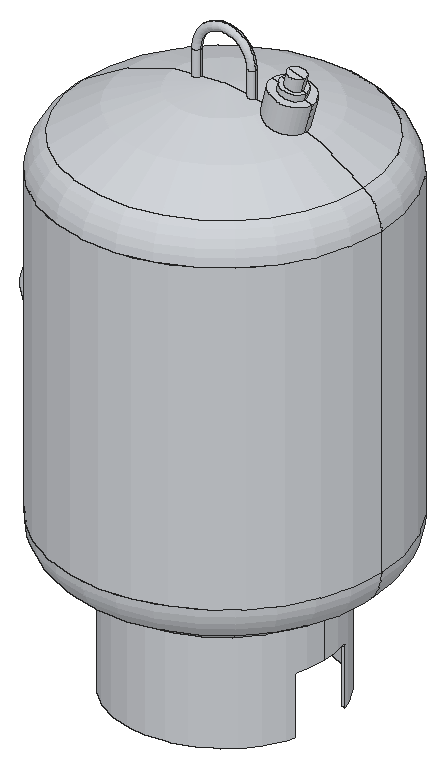
Revit family
Parameters (values of type "ST-130-L 150# W.P. 10 BAR")
  Weight = "136 lbs"
  Tank Volume = "34 Gal"
  Tank Height/Length = 34.375"
  Tank Diameter = 20.000"
  Side Lifting Ring Location = Shell Length / 2  # 9.125"
  Shell Length = 18.250"
  Pipe Connector Diameter = Pipe Connection Radius * 2  # 1.000"
  Pipe Connection Radius = 0.500"
  Model = "ST-130-L"
  Maximum Acceptance Volume = "27 Gal"
  Max Operating Temp = "240 DEG F"
  Max Operating Pressure = "150 PSI"
  Manufacturer = "Amtrol"
  Lifting Ring Location = 3.500" / 2  # 1.750"
  Floor to Elbow Centerline = 1.500"
  Floor to Bottom of Tank = 3.709"
  Bladder/Diaphragm = "Bladder"
  ASME = yes
Types (3): name | Weight | Tank Volume | Tank Height/Length | Side Lifting Ring Location | Shell Length | Model
  (no name) | "136 lbs" | "34 Gal" | 34.375" | 9.125" | 18.250" | "ST-130-L"
  ST-130-L 150# W.P. 10 BAR | "136 lbs" | "34 Gal" | 34.375" | 9.125" | 18.250" | "ST-130-L"
  ST-165-L 150# W.P. 10 BAR | "146 lbs" | "44 Gal" | 39.375" | 11.625" | 23.250" | "ST-165-L"
Reference planes (in)
  plane 1 "Center (Front/Back)": y = 0
  plane 2: z = 0
  plane 3 "Center (Left/Right)": x = 0
Forms (in)
  Revolve 1, solid
    sketch origin (0, 0, 0) x (1, 0, 0) y (0, 0, 1)
      loop
        line (-6.375, 0) -> (-6.187, 0) -> (-6.187, 7.44707) -> (-6.375, 7.44707) -> (-6.375, 0)
      axis (0, 0) -> (0, 7.44707)
    angle from 0 to 360
  Revolve 2, solid
    sketch origin (0, 0, 0) x (1, 0, 0) y (0, 0, 1)
      loop
        line (0.6492, 3.3675) -> (0.6492, 4.19707) -> (0, 4.19707) -> (0, 3.3675) -> (0.6492, 3.3675)
      axis (0, 3.3675) -> (0, 4.19707)
    angle from 0 to 360
  Extrusion 3, void
    sketch origin (0, 0, 0) x (0, 1, 0) y (0, 0, 1)
      loop
        line (0, 3.70581) -> (-1.75, 3.70581)
        arc (-1.75, 3.70581) -> (-1.92678, 3.63258) -> (-2, 3.45581) r 0.25
        line (-2, 3.45581) -> (-2, -0.25) -> (2, -0.25) -> (2, 3.45581)
        arc (2, 3.45581) -> (1.92678, 3.63258) -> (1.75, 3.70581) r 0.25
        line (1.75, 3.70581) -> (0, 3.70581)
    from 3.88729 to 12
  Sweep 4, solid
    path origin (0, 0, 0) x (1, 0, 0) y (0, 0, 1)
      loop
        line (0, 3) -> (0, 2.698)
        arc (0, 2.698) -> (0.35089, 1.85089) -> (1.198, 1.5) r 1.198
        line (1.198, 1.5) -> (1.5, 1.5)
    profile origin (0, 0, 2.849) x (0, -1, 0) y (1, 0, 0)
      loop
        circle (0, 0) r 0.75
  Revolve 5, solid
    sketch origin (0, 0, 0) x (1, 0, 0) y (0, 0, 1)
      loop
        line (0, 2.813) -> (0.65074, 2.813) -> (0.65074, 4.313) -> (0, 4.313) -> (0, 2.813)
      axis (0, 2.813) -> (0, 4.313)
    angle from 0 to 360
  Revolve 6, solid
    sketch origin (0, 0, 0) x (1, 0, 0) y (0, 0, 1)
      loop
        line (3.85419, 33.63901) -> (5.11558, 33.30102) -> (5.58812, 35.06454) -> (5.10515, 35.19395) -> (5.20603, 35.57042) -> (4.93892, 35.642) -> (5.13591, 36.37718) -> (4.62458, 36.51418) -> (3.85419, 33.63901)
      axis (3.85419, 33.63901) -> (4.62458, 36.51418)
    angle from 0 to 360
  Sweep 7, solid
    path origin (-0.03185, 0, 0.36625) x (1, 0, 0) y (0, 0, 1)
      loop
        line (-1.72794, 33.65651) -> (-1.72794, 35.40651)
        arc (-1.72794, 35.40651) -> (0.02206, 37.15651) -> (1.77206, 35.40651) r 1.75
        line (1.77206, 35.40651) -> (1.77206, 33.65651)
    profile origin (-1.75979, 0, 34.89776) x (-1, 0, 0) y (0, -1, 0)
      loop
        circle (0, 0) r 0.25
  Revolve 8, solid
    sketch origin (0, 0, 0) x (1, 0, 0) y (0, 0, 1)
      loop
        line (0, 34.375) -> (0, 3.709) -> (4.99442, 3.709) -> (4.99442, 4.209) -> (4.437, 4.209) -> (4.437, 4.40139) -> (4.99442, 4.40139) -> (4.99442, 5.7535)
        arc (4.99442, 5.7535) -> (5.04578, 5.76987) -> (5.07873, 5.81253) r 0.09054
        arc (5.07873, 5.81253) -> (7.08806, 6.70772) -> (8.95313, 7.87402) r 15.75634
        arc (8.95313, 7.87402) -> (9.72207, 8.77485) -> (9.99844, 9.92653) r 2.53776
        line (9.99844, 9.92653) -> (9.99844, 29.39525)
        arc (9.99844, 29.39525) -> (9.67843, 30.572) -> (8.87716, 31.49129) r 2.72468
        arc (8.87716, 31.49129) -> (4.6669, 33.636) -> (0, 34.375) r 15.1055
      axis (0, 3.709) -> (0, 34.375)
    angle from 0 to 360
  Sweep 9, solid
    path origin (0, 0, 0) x (1, 0, 0) y (0, 0, 1)
      loop
        line (-9.95063, 20.27025) -> (-10.95063, 20.27025)
        arc (-10.95063, 20.27025) -> (-12.70063, 18.52025) -> (-10.95063, 16.77025) r 1.75
        line (-10.95063, 16.77025) -> (-9.95063, 16.77025)
    profile origin (-10.45063, 0, 20.27025) x (0, 0, -1) y (0, -1, 0)
      loop
        circle (0, 0) r 0.25
Cuts and joins
  Extrusion 3 cuts Revolve 1
  Extrusion 3 cuts Revolve 2
Dimensions and locks (in)
  "Floor to Elbow Centerline": Sweep 4 sketch curve to cut or joined group of Revolve 1, Extrusion 3
  Revolve 6 sketch curve to Revolve 6 sketch curve = 2.9766"
  Revolve 6 sketch curve to Revolve 6 sketch curve = 2.21548"
  Revolve 6 sketch curve to Revolve 6 sketch curve = 1.82573"
  "Floor to Bottom of Tank": Revolve 8 sketch curve to level
  "Tank Height/Length": Revolve 8 sketch curve to cut or joined group of Revolve 1, Extrusion 3
  Revolve 8 sketch curve to Revolve 8 sketch curve = 12.38082"
  Revolve 6 sketch curve to Revolve 8 = 3.90577"
  Revolve 6 sketch curve to Revolve 8 = 4.24376"
  Sweep 7 sketch curve to Revolve 8 = 4.6275"  (x2)
  "Side Lifting Ring Location": Revolve 8 to Sweep 9 sketch curve
  aligned and locked: import instance to plane 3 "Center (Left/Right)"
  aligned and locked: plane 1 "Center (Front/Back)" to import instance
Automatic sketch dimensions
  Revolve 2 sketch curve to plane 3 "Center (Left/Right)" = 0.000"  (x2)
  plane 3 "Center (Left/Right)" to Revolve 2 sketch curve = 0.6492"
  level to Revolve 2 sketch curve = 3.3675"
  Revolve 2 sketch curve to Revolve 2 sketch curve = 0.000"
  Revolve 2 sketch curve to Revolve 2 sketch curve = 0.82957"
  Revolve 2 sketch curve to Revolve 2 sketch curve = 1.25068"
  Extrusion 3 sketch curve to plane 1 "Center (Front/Back)" = 0.000"
  plane 1 "Center (Front/Back)" to Extrusion 3 sketch curve = 1.750"
  Extrusion 3 sketch curve to Extrusion 3 sketch curve = 0.250"  (x2)
  Extrusion 3 sketch curve to plane 1 "Center (Front/Back)" = 1.750"
  Extrusion 3 sketch curve to level = 0.250"
  level to Extrusion 3 sketch curve = 3.45581"
  Sweep 4 sketch curve to plane 3 "Center (Left/Right)" = 0.000"
  Sweep 4 sketch curve to Sweep 4 sketch curve = 1.198"
  Sweep 4 sketch curve to Sweep 4 sketch curve = 0.302"  (x2)
  plane 1 "Center (Front/Back)" to Sweep 4 sketch curve = 0.000"
  Sweep 4 sketch curve to profile plane = 0.000"
  Revolve 5 sketch curve to plane 3 "Center (Left/Right)" = 0.000"  (x2)
  plane 3 "Center (Left/Right)" to Revolve 5 sketch curve = 0.65074"
  level to Revolve 5 sketch curve = 2.813"
  Revolve 5 sketch curve to Revolve 5 sketch curve = 0.000"
  Revolve 5 sketch curve to Revolve 5 sketch curve = 1.500"
  Revolve 5 sketch curve to Revolve 5 sketch curve = 0.500"
  plane 3 "Center (Left/Right)" to Revolve 6 sketch curve = 3.85419"
  Revolve 6 sketch curve to Revolve 6 sketch curve = 0.14815"
  Revolve 6 sketch curve to Revolve 6 sketch curve = 0.05202"
  Revolve 6 sketch curve to Revolve 6 sketch curve = 0.6492"
  Revolve 6 sketch curve to Revolve 6 sketch curve = 0.16624"
  Revolve 6 sketch curve to Revolve 6 sketch curve = 0.55291"
  Revolve 6 sketch curve to Revolve 6 sketch curve = 0.19415"
  Sweep 7 sketch curve to plane 3 "Center (Left/Right)" = 1.75979"
  Sweep 7 sketch curve to plane 3 "Center (Left/Right)" = 0.00979"
  Sweep 7 sketch curve to Sweep 7 sketch curve = 1.750"
  plane 1 "Center (Front/Back)" to Sweep 7 sketch curve = 0.000"
  Sweep 7 sketch curve to profile plane = 0.000"
  Revolve 1 sketch curve to level = 0.000"  (x2)
  Revolve 1 sketch curve to plane 3 "Center (Left/Right)" = 0.000"
  Revolve 1 sketch curve to plane 3 "Center (Left/Right)" = 6.187"
  Revolve 1 sketch curve to Revolve 1 sketch curve = 0.188"
  level to Revolve 1 sketch curve = 7.44707"
  Revolve 1 sketch curve to Revolve 1 sketch curve = 1.05293"
  Revolve 6 sketch curve to Revolve 6 sketch curve = 0.31433"
  Revolve 8 sketch curve to plane 3 "Center (Left/Right)" = 0.000"  (x2)
  Revolve 8 sketch curve to plane 3 "Center (Left/Right)" = 0.3131"
  plane 3 "Center (Left/Right)" to Revolve 8 sketch curve = 4.437"
  Revolve 8 sketch curve to Revolve 8 sketch curve = 0.55684"
  Revolve 8 sketch curve to Revolve 8 sketch curve = 0.55742"
  Revolve 8 sketch curve to Revolve 8 sketch curve = 0.00058"
  Revolve 8 sketch curve to Revolve 8 sketch curve = 0.08488"
  plane 3 "Center (Left/Right)" to Revolve 8 sketch curve = 7.27592"
  Revolve 8 sketch curve to Revolve 8 sketch curve = 2.38196"
  Revolve 8 sketch curve to Revolve 8 sketch curve = 1.60123"
  Revolve 8 sketch curve to Revolve 8 sketch curve = 0.000"  (x3)
  Revolve 8 sketch curve to Revolve 8 sketch curve = 1.49244"
  Revolve 8 sketch curve to Revolve 8 sketch curve = 1.04531"
  Revolve 8 sketch curve to Revolve 8 sketch curve = 0.500"
  Revolve 8 sketch curve to Revolve 8 sketch curve = 0.19239"
  Revolve 8 sketch curve to Revolve 8 sketch curve = 1.35211"
  Revolve 8 sketch curve to Revolve 8 sketch curve = 0.05903"
  Revolve 8 sketch curve to Revolve 8 sketch curve = 4.334"
  Sweep 9 sketch curve to plane 3 "Center (Left/Right)" = 10.95063"
  Sweep 9 sketch curve to Sweep 9 sketch curve = 1.000"  (x2)
  Sweep 9 sketch curve to Sweep 9 sketch curve = 1.750"
  Sweep 9 sketch curve to plane 1 "Center (Front/Back)" = 0.000"
  Sweep 9 sketch curve to profile plane = 0.000"
  radius of Sweep 4 sketch curve = 0.750"
  radius of Sweep 7 sketch curve = 0.250"
  radius of Sweep 9 sketch curve = 0.250"
Connectors (in)
  piping at (1.5, 0, 1.5), driven by "Pipe Connection Radius"
    settings: on Sweep 4, index 1
